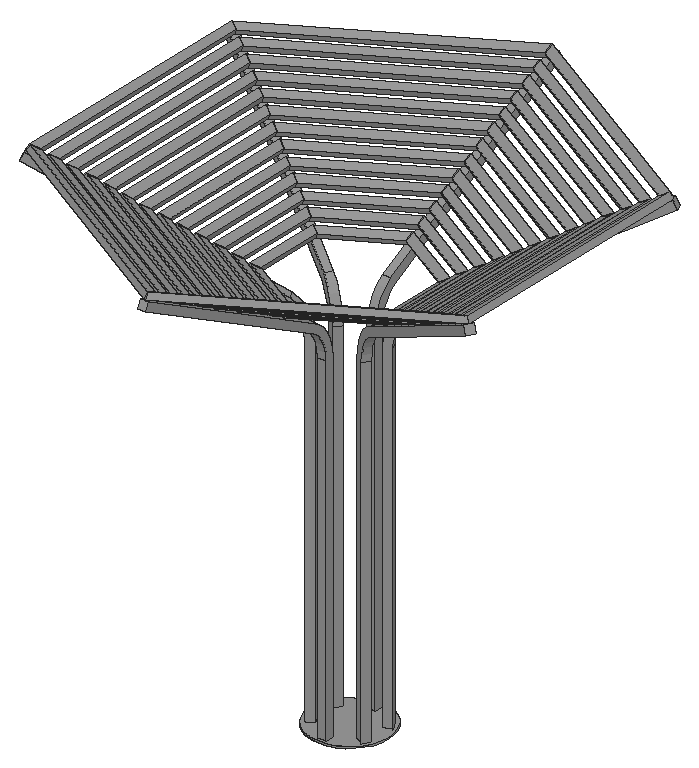
Revit family "Навес «Винсон» Арт 20419", category Антураж, Revit 2018 (continued)
Automatic sketch dimensions
  plane 6 to Extrusion 70 sketch curve = 534.168 mm
  Extrusion 70 sketch curve to plane 8 = 323.449 mm
  Extrusion 70 sketch curve to Extrusion 70 sketch curve = 18.779 mm
  Extrusion 70 sketch curve to plane 8 = 382.241 mm
  Extrusion 70 sketch curve to Extrusion 70 sketch curve = 44.147 mm
  plane 6 to Extrusion 71 sketch curve = 609.213 mm
  Extrusion 71 sketch curve to plane 8 = 370.382 mm
  Extrusion 71 sketch curve to Extrusion 71 sketch curve = 18.779 mm
  Extrusion 71 sketch curve to plane 8 = 429.174 mm
  Extrusion 71 sketch curve to Extrusion 71 sketch curve = 44.147 mm
  Extrusion 72 sketch curve to plane 3 "По центру (Влево/Вправо)" = 654.528 mm
  Extrusion 72 sketch curve to plane 8 = 415.033 mm
  Extrusion 72 sketch curve to Extrusion 72 sketch curve = 18.779 mm
  plane 9 to Extrusion 72 sketch curve = 466.175 mm
  Extrusion 72 sketch curve to Extrusion 72 sketch curve = 44.147 mm
  Extrusion 73 sketch curve to plane 3 "По центру (Влево/Вправо)" = 579.506 mm
  Extrusion 73 sketch curve to Extrusion 73 sketch curve = 18.779 mm
  Extrusion 73 sketch curve to Extrusion 73 sketch curve = 44.147 mm
  Extrusion 73 sketch curve to plane 8 = 520.801 mm
  Extrusion 73 sketch curve to Extrusion 73 sketch curve = 23.474 mm
  Extrusion 74 sketch curve to plane 3 "По центру (Влево/Вправо)" = 503.784 mm
  Extrusion 74 sketch curve to Extrusion 74 sketch curve = 18.779 mm
  Extrusion 74 sketch curve to Extrusion 74 sketch curve = 44.147 mm
  Extrusion 74 sketch curve to plane 8 = 566.462 mm
  Extrusion 74 sketch curve to Extrusion 74 sketch curve = 23.474 mm
  Extrusion 75 sketch curve to plane 3 "По центру (Влево/Вправо)" = 429.276 mm
  Extrusion 75 sketch curve to Extrusion 75 sketch curve = 18.779 mm
  Extrusion 75 sketch curve to Extrusion 75 sketch curve = 44.147 mm
  Extrusion 75 sketch curve to plane 8 = 614.406 mm
  Extrusion 75 sketch curve to Extrusion 75 sketch curve = 23.474 mm
  Extrusion 76 sketch curve to plane 1 "По центру (Вперед/Назад)" = 770.763 mm
  Extrusion 76 sketch curve to plane 3 "По центру (Влево/Вправо)" = 366.35 mm
  Extrusion 76 sketch curve to Extrusion 76 sketch curve = 484.326 mm
  Extrusion 76 sketch curve to Extrusion 76 sketch curve = 366.35 mm
  Extrusion 76 sketch curve to Extrusion 76 sketch curve = 483.501 mm  (x2)
  Extrusion 76 sketch curve to Extrusion 76 sketch curve = 67.161 mm
  Extrusion 76 sketch curve to Extrusion 76 sketch curve = 838.876 mm
  Extrusion 76 sketch curve to Extrusion 76 sketch curve = 211.512 mm
  Extrusion 77 sketch curve to plane 3 "По центру (Влево/Вправо)" = 0 mm
  Extrusion 77 sketch curve to plane 3 "По центру (Влево/Вправо)" = 484.326 mm
  plane 3 "По центру (Влево/Вправо)" to Extrusion 77 sketch curve = 366.35 mm
  Extrusion 77 sketch curve to plane 1 "По центру (Вперед/Назад)" = 67.637 mm
  Extrusion 77 sketch curve to plane 7 = 490.149 mm
  Extrusion 77 sketch curve to plane 7 = 6.648 mm
  plane 1 "По центру (Вперед/Назад)" to Extrusion 77 sketch curve = 211.512 mm
  Extrusion 77 sketch curve to Extrusion 77 sketch curve = 211.512 mm
  Extrusion 77 sketch curve to Extrusion 77 sketch curve = 279.625 mm
  Extrusion 78 sketch curve to plane 8 = 37.481 mm
  Extrusion 78 sketch curve to plane 8 = 2.163 mm
  Extrusion 78 sketch curve to Extrusion 78 sketch curve = 18.779 mm
  Extrusion 78 sketch curve to plane 8 = 60.955 mm
  Extrusion 79 sketch curve to plane 8 = 80.427 mm
  Extrusion 79 sketch curve to plane 8 = 45.109 mm
  Extrusion 79 sketch curve to Extrusion 79 sketch curve = 18.779 mm
  Extrusion 79 sketch curve to plane 8 = 103.9 mm
  Extrusion 80 sketch curve to plane 8 = 126.772 mm
  Extrusion 80 sketch curve to plane 8 = 91.454 mm
  Extrusion 80 sketch curve to Extrusion 80 sketch curve = 18.779 mm
  Extrusion 80 sketch curve to plane 8 = 150.246 mm
  Extrusion 81 sketch curve to plane 8 = 171.66 mm
  Extrusion 81 sketch curve to plane 8 = 136.342 mm
  Extrusion 81 sketch curve to Extrusion 81 sketch curve = 18.779 mm
  Extrusion 81 sketch curve to plane 8 = 195.133 mm
  Extrusion 82 sketch curve to plane 8 = 218.841 mm
  Extrusion 82 sketch curve to plane 8 = 183.523 mm
  Extrusion 82 sketch curve to Extrusion 82 sketch curve = 18.779 mm
  Extrusion 82 sketch curve to plane 8 = 242.314 mm
  Extrusion 83 sketch curve to plane 8 = 265.361 mm
  Extrusion 83 sketch curve to plane 8 = 230.043 mm
  Extrusion 83 sketch curve to Extrusion 83 sketch curve = 18.779 mm
  Extrusion 83 sketch curve to plane 8 = 288.835 mm
  Extrusion 84 sketch curve to plane 8 = 313.332 mm
  Extrusion 84 sketch curve to plane 8 = 278.014 mm
  Extrusion 84 sketch curve to Extrusion 84 sketch curve = 18.779 mm
  Extrusion 84 sketch curve to plane 8 = 336.806 mm
  Extrusion 85 sketch curve to plane 8 = 358.767 mm
  Extrusion 85 sketch curve to plane 8 = 323.449 mm
  Extrusion 85 sketch curve to Extrusion 85 sketch curve = 18.779 mm
  Extrusion 85 sketch curve to plane 8 = 382.241 mm
  Extrusion 86 sketch curve to plane 8 = 405.7 mm
  Extrusion 86 sketch curve to plane 8 = 370.382 mm
  Extrusion 86 sketch curve to Extrusion 86 sketch curve = 18.779 mm
  Extrusion 86 sketch curve to plane 8 = 429.174 mm
  Extrusion 87 sketch curve to plane 8 = 450.351 mm
  Extrusion 87 sketch curve to plane 8 = 415.033 mm
  Extrusion 87 sketch curve to Extrusion 87 sketch curve = 18.779 mm
  plane 9 to Extrusion 87 sketch curve = 466.175 mm
  plane 9 to Extrusion 88 sketch curve = 442.672 mm
  Extrusion 88 sketch curve to plane 8 = 462.01 mm
  Extrusion 88 sketch curve to Extrusion 88 sketch curve = 18.779 mm
  plane 9 to Extrusion 88 sketch curve = 419.199 mm
  plane 9 to Extrusion 89 sketch curve = 397.011 mm
  plane 9 to Extrusion 89 sketch curve = 432.329 mm
  Extrusion 89 sketch curve to Extrusion 89 sketch curve = 18.779 mm
  plane 9 to Extrusion 89 sketch curve = 373.538 mm
  plane 9 to Extrusion 90 sketch curve = 349.068 mm
  plane 9 to Extrusion 90 sketch curve = 384.386 mm
  Extrusion 90 sketch curve to Extrusion 90 sketch curve = 18.779 mm
  plane 9 to Extrusion 90 sketch curve = 325.594 mm
  Extrusion 91 sketch curve to plane 3 "По центру (Влево/Вправо)" = 0 mm  (x2)
  Extrusion 91 sketch curve to plane 1 "По центру (Вперед/Назад)" = 68.113 mm
  plane 6 to Extrusion 91 sketch curve = 489.325 mm
  Extrusion 91 sketch curve to Extrusion 91 sketch curve = 484.326 mm
  Extrusion 91 sketch curve to Extrusion 91 sketch curve = 366.35 mm
  Extrusion 91 sketch curve to Extrusion 91 sketch curve = 483.501 mm  (x2)
  Extrusion 91 sketch curve to Extrusion 91 sketch curve = 838.876 mm
  plane 1 "По центру (Вперед/Назад)" to Extrusion 92 sketch curve = 0 mm
  Extrusion 92 sketch curve to plane 3 "По центру (Влево/Вправо)" = 0 mm
  radius of Extrusion 92 sketch curve = 235 mm
